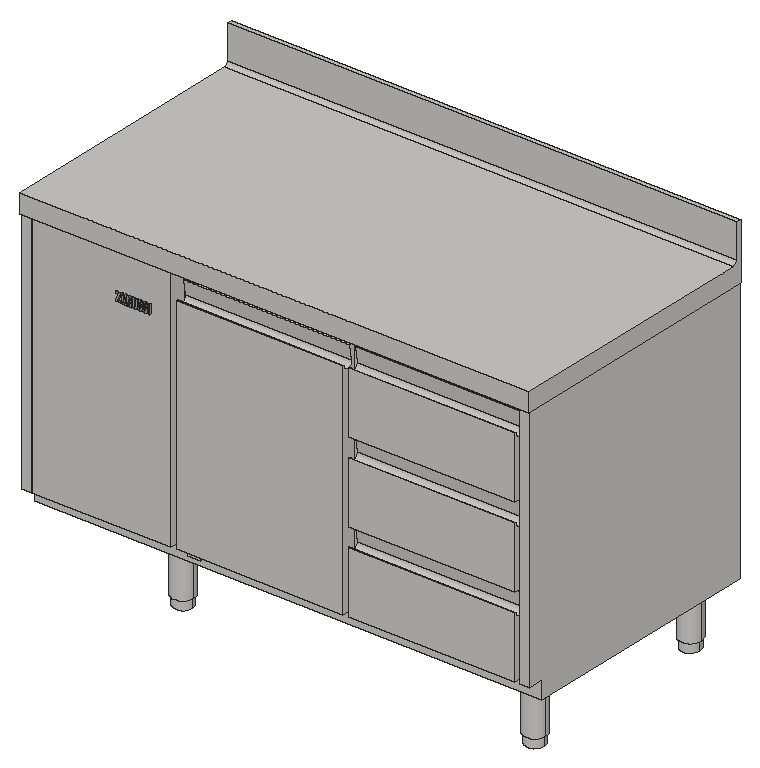
Revit family "QF_ZANUSSI_111028_ZH2H3AC", category Specialty Equipment, Revit 2018
Family settings
  Round Connector Dimension = Use Diameter
  Part Type = Normal
  Work Plane-Based = No
  Always vertical = Yes
  Cut with Voids When Loaded = No
  Shared = No
  Room Calculation Point = No
Parameters
  Weight = 0.00 kg
  Watts = 0.0232258 W
  Volts = 220 V
  URL Manufacturer = "http://www.zanussiprofessional.com/"
  URL = "http://www.zanussiprofessional.com/"
  Steam Supply Size = 0 mm
  Steam Supply Minimum Pressure = 0.0 Pa
  Steam Supply Maximum Pressure = 0.0 Pa
  Steam Pounds per Hour = 0
  Show Logo [instance] = yes
  Show Clearance [instance] = yes
  Refrigeration Suction Line Size = 0 mm
  Refrigeration Liquid Line Size = 0 mm
  Refrigerant Compressor Remote = yes
  Manufacturer = "Zanussi"
  Phase = 1
  Model = "ZH2H3AC"
  Length Actual = 1345 mm  # constant formula
  Item Number = "111028"
  Hot Water Size = 0 mm
  Height Actual = 1000 mm  # constant formula
  HP = "0.3 HP"
  Gas Size = 0 mm
  Gas KW = 0
  Gas Input Pressure = 0 W
  Description = "1DOOR+3x1/3DRAWERS REF.TABLE 290L-SPLB"
  Depth Actual = 700 mm  # constant formula
  Cycle = 50 Hz
  Condensate Return Size = 0 mm
  Compressed Air Volume = 0.0 L/s
  Compressed Air Size = 0 mm
  Compressed Air Pressure = 0.0 Pa
  Cold Water Size = 0 mm
  Accessory = yes
Reference planes
  plane 1 "Center X": y = 182.5
  plane 2: z = 0
  plane 3 "Center Y": x = -126.5
  plane 4: y = -62.5
  plane 5: y = 451.5
  plane 6 "BACK": y = 532.5
  plane 7 "FRONT": y = -167.5
  plane 8: x = -452
  plane 9: x = 478
  plane 10: z = 150
  plane 11 "TOP": z = 900
  plane 12: z = 850
  plane 13 "LEFT": x = -797
  plane 14 "RIGHT": x = 544
  plane 15: x = -799
  plane 16: x = 546
Forms (mm)
  Extrusion 1, solid, material "QF_Finishes_Stainless Steel"
    sketch origin (-126.5, 2, 0) x (0, 1, 0) y (0, 0, 1)
      loop
        line (530.5, 150) -> (530.5, 850) -> (-124.5, 850) -> (-124.5, 150) -> (530.5, 150)
    from -670.5 to 670.5
  Extrusion 2, solid, material "QF_Finishes_Stainless Steel"
    sketch origin (-1022.223, -1524, 150) x (-1, 0, 0) y (0, -1, 0)
      loop
        line (-225.223, -1361.5) -> (-250.223, -1361.5) -> (-250.223, -1401.5) -> (-225.223, -1401.5) -> (-225.223, -1361.5)
      loop
        line (-1566.223, -1401.5) -> (-1541.223, -1401.5) -> (-1541.223, -1361.5) -> (-1566.223, -1361.5) -> (-1566.223, -1401.5)
    from 47 to 700
  Extrusion 3, solid, material "QF_Finishes_Stainless Steel"
    sketch origin (0, 0, 900) x (-1, 0, 0) y (0, -1, 0)
      loop
        circle (-57, -94.5) r 8.45
    from -790.577 to -750
  Extrusion 4, solid, material "QF_Finishes_Stainless Steel"
    sketch origin (0, 0, 0) x (1, 0, 0) y (0, 1, 0)
      loop
        circle (-713, 451.5) r 4
    from 109.423 to 150
  Extrusion 5, solid, material "QF_Finishes_Stainless Steel"
    sketch origin (-126.5, 0, 0) x (0, 1, 0) y (0, 0, 1)
      loop
        line (-167.5, 900) -> (-167.5, 850) -> (532.5, 850) -> (532.5, 1000) -> (519.5, 1000) -> (519.5, 910)
        arc (519.5, 910) -> (516.571, 902.929) -> (509.5, 900) r 10
        line (509.5, 900) -> (-167.5, 900)
    from 672.5 to -672.5
Cuts and joins
  joined: Extrusion 1, Extrusion 2
Lines and regions (mm)
  symbolic lines, style "SpecialityEquipmentHiddenLines"
    curve 1: line (-799, -122.5, 900) -> (546, -122.5, 900)
    curve 2: line (-396, -167.5, 900) -> (-396, -122.5, 900)
  symbolic lines, style "SpecialityEquipment"
    curve 3: line (-799, 532.5, 900) -> (546, 532.5, 900)
    curve 4: line (-799, 532.5, 900) -> (-799, -167.5, 900)
    curve 5: line (-799, -167.5, 900) -> (546, -167.5, 900)
    curve 6: line (546, -167.5, 900) -> (546, 532.5, 900)
    curve 7: line (-799, 519.5, 900) -> (546, 519.5, 900)
Dimensions and locks
  locked: plane 6 "BACK" to plane 7 "FRONT" at 700
  equal spacing: plane 6 "BACK", plane 1 "Center X", plane 7 "FRONT"
  locked: plane 6 "BACK" to plane 5 at 81
  plane 10 to level = 150 mm
  plane 11 "TOP" to plane 12 to plane 10 = 50 mm locked, 700 mm locked
  locked: Extrusion 2 sketch curve to Extrusion 2 sketch curve at 25  (x2)
  locked: plane 4 to plane 7 "FRONT" at 105
  locked: plane 6 "BACK" to Extrusion 3 sketch curve at 438
  equal spacing: plane 13 "LEFT", plane 3 "Center Y", plane 14 "RIGHT"
  plane 15 to plane 16 = 1345 mm
  locked: plane 13 "LEFT" to plane 8 at 345
  locked: plane 9 to plane 14 "RIGHT" at 66
  locked: Extrusion 3 sketch curve to plane 14 "RIGHT" at 487
  plane 13 "LEFT" to Extrusion 4 sketch curve = 84 mm
  locked: plane 6 "BACK" to Extrusion 4 sketch curve at 81
  locked: plane 10 to Extrusion 4 at 40.577
  aligned and locked: level to plane 2
  aligned and locked: plane 10 to Extrusion 3
  aligned and locked: nested 4 to plane 4
  aligned and locked: nested 1 to plane 4
  aligned and locked: nested 3 to plane 5
  aligned and locked: nested 2 to plane 5
  aligned and locked: plane 8 to nested 1
  aligned and locked: plane 8 to nested 2
  aligned and locked: plane 9 to nested 4
  aligned and locked: plane 9 to nested 3
  aligned and locked: Extrusion 1 to Extrusion 2
  aligned and locked: Extrusion 2 to Extrusion 1
  aligned and locked: Extrusion 2 sketch curve to plane 14 "RIGHT"
  aligned and locked: plane 13 "LEFT" to Extrusion 2 sketch curve
  aligned and locked: cut or joined group of Extrusion 1, Extrusion 2 to plane 10
  aligned and locked: plane 12 to cut or joined group of Extrusion 1, Extrusion 2
  aligned and locked: plane 10 to Extrusion 4
  aligned and locked: Extrusion 5 sketch curve to plane 11 "TOP"
  aligned and locked: plane 7 "FRONT" to Extrusion 5 sketch curve
  aligned and locked: Extrusion 5 sketch curve to cut or joined group of Extrusion 1, Extrusion 2  (x2)
  aligned and locked: Extrusion 5 to curve 3
Automatic sketch dimensions
  plane 7 "FRONT" to Extrusion 2 sketch curve = 45 mm  (x2)
  plane 7 "FRONT" to Extrusion 2 sketch curve = 5 mm  (x2)
  Extrusion 1 sketch curve to plane 10 = 0 mm
  Extrusion 1 sketch curve to plane 12 = 0 mm
  Extrusion 1 sketch curve to plane 6 "BACK" = 0 mm
  plane 7 "FRONT" to Extrusion 1 sketch curve = 45 mm
  plane 11 "TOP" to Extrusion 5 sketch curve = 10 mm
  Extrusion 5 sketch curve to plane 6 "BACK" = 23 mm
  Extrusion 5 sketch curve to Extrusion 5 sketch curve = 90 mm
  curve 2 to plane 7 "FRONT" = 0 mm
  curve 5 to plane 15 = 0 mm
  curve 3 to plane 6 "BACK" = 0 mm
  plane 8 to curve 2 = 56 mm
  curve 7 to plane 6 "BACK" = 13 mm
  plane 7 "FRONT" to curve 1 = 45 mm
  radius of Extrusion 3 sketch curve = 8.45 mm
  radius of Extrusion 4 sketch curve = 4 mm
Nested families
  nested 1: "Foot_Ø50_H150" at (-452, -62.5, 0), type "Foot_Ø50_H150"
  nested 2: "Foot_Ø50_H150" at (-452, 451.5, 0), type "Foot_Ø50_H150"
  nested 3: "Foot_Ø50_H150" at (478, 451.5, 0), type "Foot_Ø50_H150"
  nested 4: "Foot_Ø50_H150" at (478, -62.5, 0), type "Foot_Ø50_H150"
  nested 5: "3x1-3 Drawers" at (285, -164.5, 0), Show Clearance <- "Show Clearance", type "3x1-3 Drawers"
  nested 6: "Door" at (-169, -164.5, 0) x (-1, 0, 0) z (0, 0, 1), Show Clearance <- "Show Clearance", type "Door"
  nested 7: "Refrigerator" at (544, -167.5, 900), type "Refrigerator"
  nested 8: "ZAN_Cooling Unit" at (-587.5, -164.5, 0), Show Logo <- "Show Logo", type "ZAN_Cooling Unit"
Connectors
  electrical at (-713, 451.5, 109.423), driven by "Volts"
    settings: on Extrusion 4, index 4, voltage 220 V, apparent load 0 VA, apparent load phase1 0 VA, apparent load phase2 0 VA, apparent load phase3 0 VA, power factor 1, load classification "Altro", number of poles 1, system type 30, power factor state 1, is connector primary yes, connector utility no, sub classification motor no, connector description "Electrical Connection"
  piping at (57, 94.5, 109.423), diameter 17
    settings: on Extrusion 3, index 5, connector inside diameter 609.6 mm, connector length 0 mm, flow factor 0, pipe flow 0.0 L/s, pressure drop 0.0 Pa, fitting loss kfactor 0, connector angle 0.00°, fixture units 0, engagement length 0 mm, angle of deflection 0.00°, flow configuration 1, flow direction 2, fitting loss method 0, system type 16, joint type 0, gender type 0, connector reference index -1, connector utility 0, adjustable connector no, is connector primary yes, connector description "Drain"
Definition of nested family "Foot_Ø50_H150"
  Reference planes
    plane 1 "Centro (Fronte/Retro)": y = 0
    plane 2: z = 0
    plane 3 "Centro (Sinistra/Destra)": x = 0
    plane 4: z = 150
  Forms (mm)
    Revolve 1, solid
      sketch origin (255.05, 0, 608.09) x (0, 0, 1) y (-1, 0, 0)
        loop
          line (-608.09, 255.05) -> (-608.09, 230.05) -> (-583.09, 230.05) -> (-583.09, 226.05) -> (-458.09, 226.05) -> (-458.09, 255.05) -> (-608.09, 255.05)
        axis (-608.09, 255.05) -> (-458.09, 255.05)
      angle from 0 to 360
  Dimensions and locks
    locked: Revolve 1 sketch curve to Revolve 1 sketch curve at 125
    aligned and locked: level to plane 2
    aligned and locked: plane 4 to Revolve 1 sketch curve
    aligned and locked: Revolve 1 sketch curve to level
    aligned and locked: plane 3 "Centro (Sinistra/Destra)" to Revolve 1 sketch curve
Definition of nested family "3x1-3 Drawers"
  Parameters
    Show Clearance [instance] = yes
  Reference planes
    plane 1 "FRONT": y = -3
    plane 2: z = 0
    plane 3 "Centro (Sinistra/Destra)": x = 0
    plane 4: z = 150
    plane 5: z = 850
    plane 6: x = -234
    plane 7: x = 234
    plane 8: x = -220
    plane 9: x = 220
  Forms (mm)
    Extrusion 1, solid
      sketch origin (0, 55, 511) x (0, 0, 1) y (0, -1, 0)
        loop
          line (314, 18) -> (314, 29) -> (274.395, 22.5)
          arc (274.395, 22.5) -> (260.395, 36.5) -> (274.395, 50.5) r 14
          line (274.395, 50.5) -> (274.395, 53) -> (111.333, 53) -> (111.333, 18) -> (314, 18)
        loop
          line (101.333, 29) -> (61.728, 22.5)
          arc (61.728, 22.5) -> (47.728, 36.5) -> (61.728, 50.5) r 14
          line (61.728, 50.5) -> (61.728, 53) -> (-101.333, 53) -> (-101.333, 18) -> (101.333, 18) -> (101.333, 29)
        loop
          line (-314, 18) -> (-111.333, 18) -> (-111.333, 29) -> (-150.939, 22.5)
          arc (-150.939, 22.5) -> (-164.939, 36.5) -> (-150.939, 50.5) r 14
          line (-150.939, 50.5) -> (-150.939, 53) -> (-314, 53) -> (-314, 18)
      from -220 to 220
    Extrusion 2, solid, visible <- "Show Clearance", detail levels coarse
      sketch origin (0, -462, 511) x (0, 0, 1) y (0, -1, 0)
        loop
          line (-314, 109) -> (-314, -464) -> (-111.333, -464) -> (-111.333, 109) -> (-314, 109)
        loop
          line (314, -464) -> (314, 109) -> (111.333, 109) -> (111.333, -464) -> (314, -464)
        loop
          line (101.333, 109) -> (-101.333, 109) -> (-101.333, -464) -> (101.333, -464) -> (101.333, 109)
      from -220 to 220
  Lines and regions (mm)
    symbolic lines
      curve 1: line (-190, -3, 0) -> (-190, -48, 0)
      curve 2: line (220, -48, 0) -> (-220, -48, 0)
      curve 3: line (-220, -48, 0) -> (-220, -83, 0)
      curve 4: line (-220, -83, 0) -> (220, -83, 0)
      curve 5: line (220, -83, 0) -> (220, -48, 0)
      curve 6: line (190, -48, 0) -> (190, -3, 0)
      curve 7: line (-190, -83, 0) -> (-190, -128, 0)
      curve 8: line (220, -128, 0) -> (-220, -128, 0)
      curve 9: line (-220, -128, 0) -> (-220, -163, 0)
      curve 10: line (-220, -163, 0) -> (220, -163, 0)
      curve 11: line (220, -163, 0) -> (220, -128, 0)
      curve 12: line (190, -128, 0) -> (190, -83, 0)
      curve 13: line (-190, -163, 0) -> (-190, -208, 0)
      curve 14: line (220, -208, 0) -> (-220, -208, 0)
      curve 15: line (-220, -208, 0) -> (-220, -243, 0)
      curve 16: line (-220, -243, 0) -> (220, -243, 0)
      curve 17: line (220, -243, 0) -> (220, -208, 0)
      curve 18: line (190, -208, 0) -> (190, -163, 0)
  Dimensions and locks
    aligned and locked: level to plane 2
Definition of nested family "Door"
  Parameters
    Show Clearance [instance] = yes
  Reference planes
    plane 1 "FRONT": y = -3
    plane 2: z = 0
    plane 3 "Centro (Sinistra/Destra)": x = 0
    plane 4: z = 150
    plane 5: z = 850
    plane 6: x = -234
    plane 7: x = 234
    plane 8: x = -220
    plane 9: x = 220
  Forms (mm)
    Extrusion 1, solid
      sketch origin (0, 53, 511) x (0, 0, 1) y (0, -1, 0)
        loop
          line (-323.003, 28.5) -> (-316.501, 28.5) -> (-316.501, 31) -> (-325.503, 31) -> (-325.503, 13.5) -> (-345.503, 13.5) -> (-345.503, 11) -> (-323.003, 11) -> (-323.003, 23.259) -> (-323.003, 28.5)
        loop
          line (-314, 27) -> (-316.501, 27) -> (-316.501, 18.501) -> (-319.752, 18.501) -> (-319.752, 16) -> (-314, 16) -> (-314, 27)
        loop
          line (315.003, 27) -> (315.003, 13.948) -> (315.003, 11) -> (327.503, 11) -> (327.503, 13.5) -> (317.503, 13.5) -> (317.503, 27) -> (315.003, 27)
      from 185 to 220
    Extrusion 2, solid, visible <- "Show Clearance", detail levels coarse
      sketch origin (0, 53, 511) x (0, -1, 0) y (1, 0, 0)
        loop
          line (51, 220) -> (51, -220)
          arc (51, -220) -> (339.234, -79.44) -> (454, 220) r 437.168
          line (454, 220) -> (51, 220)
      from -314 to 314
    Extrusion 3, solid
      sketch origin (0, 55, 511) x (0, 0, 1) y (0, -1, 0)
        loop
          line (314, 18) -> (314, 29) -> (274.395, 22.5)
          arc (274.395, 22.5) -> (260.395, 36.5) -> (274.395, 50.5) r 14
          line (274.395, 50.5) -> (274.395, 53) -> (-314, 53) -> (-314, 18) -> (314, 18)
      from -220 to 220
  Lines and regions (mm)
    symbolic lines
      curve 1: line (220, -3, 0) -> (220, -401, 0)
      curve 2: line (220, -401, 0) -> (185, -401, 0)
      curve 3: line (185, -401, 0) -> (185, -3, 0)
      curve 4: arc (-219.722, -3, 0) -> (-89.51, -275.368, 0) -> (185, -401, 0) r 442.855
  Dimensions and locks
    aligned and locked: level to plane 2
Definition of nested family "ZAN_Cooling Unit"
  Parameters
    Show Logo [instance] = yes
  Reference planes
    plane 1 "FRONT": y = -3
    plane 2: z = 0
    plane 3 "Centro (Sinistra/Destra)": x = 0
    plane 4: z = 150
    plane 5: z = 850
    plane 6: x = -184.5
    plane 7: x = 184.5
  Forms (mm)
    Extrusion 1, solid
      sketch origin (0, 55, 511) x (0, 0, 1) y (0, -1, 0)
        loop
          line (-314, 53) -> (-314, 13) -> (339, 13) -> (339, 53) -> (-314, 53)
      from -184.5 to 184.5
  Lines and regions (mm)
    Split face 1
      outline origin (0, 2, 197) x (0, 0, 1) y (-1, 0, 0)
        loop
          line (566.835, 184.5) -> (566.835, -184.5)
        loop
          line (521.835, 184.5) -> (521.835, -184.5)
    Split face 2
      outline origin (0, 2, 197) x (0, 0, 1) y (-1, 0, 0)
        loop
          arc (510.649, 158.547) -> (506.648, 162.548) -> (502.647, 158.547) r 4.001
          line (502.647, 158.547) -> (502.647, 116.535)
          arc (502.647, 116.535) -> (506.648, 112.533) -> (510.649, 116.535) r 4.001
          line (510.649, 116.535) -> (510.649, 158.547)
    Split face 3
      outline origin (0, 2, 184.996) x (0, 0, 1) y (-1, 0, 0)
        loop
          arc (510.649, 158.547) -> (506.648, 162.548) -> (502.647, 158.547) r 4.001
          line (502.647, 158.547) -> (502.647, 116.535)
          arc (502.647, 116.535) -> (506.648, 112.533) -> (510.649, 116.535) r 4.001
          line (510.649, 116.535) -> (510.649, 158.547)
    Split face 4
      outline origin (0, 2, 172.993) x (0, 0, 1) y (-1, 0, 0)
        loop
          arc (510.649, 158.547) -> (506.648, 162.548) -> (502.647, 158.547) r 4.001
          line (502.647, 158.547) -> (502.647, 116.535)
          arc (502.647, 116.535) -> (506.648, 112.533) -> (510.649, 116.535) r 4.001
          line (510.649, 116.535) -> (510.649, 158.547)
    Split face 5
      outline origin (0, 2, 160.989) x (0, 0, 1) y (-1, 0, 0)
        loop
          arc (510.649, 158.547) -> (506.648, 162.548) -> (502.647, 158.547) r 4.001
          line (502.647, 158.547) -> (502.647, 116.535)
          arc (502.647, 116.535) -> (506.648, 112.533) -> (510.649, 116.535) r 4.001
          line (510.649, 116.535) -> (510.649, 158.547)
    Split face 6
      outline origin (0, 2, 148.986) x (0, 0, 1) y (-1, 0, 0)
        loop
          arc (510.649, 158.547) -> (506.648, 162.548) -> (502.647, 158.547) r 4.001
          line (502.647, 158.547) -> (502.647, 116.535)
          arc (502.647, 116.535) -> (506.648, 112.533) -> (510.649, 116.535) r 4.001
          line (510.649, 116.535) -> (510.649, 158.547)
    Split face 7
      outline origin (0, 2, 136.982) x (0, 0, 1) y (-1, 0, 0)
        loop
          arc (510.649, 158.547) -> (506.648, 162.548) -> (502.647, 158.547) r 4.001
          line (502.647, 158.547) -> (502.647, 116.535)
          arc (502.647, 116.535) -> (506.648, 112.533) -> (510.649, 116.535) r 4.001
          line (510.649, 116.535) -> (510.649, 158.547)
    Split face 8
      outline origin (0, 2, 124.979) x (0, 0, 1) y (-1, 0, 0)
        loop
          arc (510.649, 158.547) -> (506.648, 162.548) -> (502.647, 158.547) r 4.001
          line (502.647, 158.547) -> (502.647, 116.535)
          arc (502.647, 116.535) -> (506.648, 112.533) -> (510.649, 116.535) r 4.001
          line (510.649, 116.535) -> (510.649, 158.547)
    Split face 9
      outline origin (0, 2, 112.975) x (0, 0, 1) y (-1, 0, 0)
        loop
          arc (510.649, 158.547) -> (506.648, 162.548) -> (502.647, 158.547) r 4.001
          line (502.647, 158.547) -> (502.647, 116.535)
          arc (502.647, 116.535) -> (506.648, 112.533) -> (510.649, 116.535) r 4.001
          line (510.649, 116.535) -> (510.649, 158.547)
    Split face 10
      outline origin (0, 2, 100.972) x (0, 0, 1) y (-1, 0, 0)
        loop
          arc (510.649, 158.547) -> (506.648, 162.548) -> (502.647, 158.547) r 4.001
          line (502.647, 158.547) -> (502.647, 116.535)
          arc (502.647, 116.535) -> (506.648, 112.533) -> (510.649, 116.535) r 4.001
          line (510.649, 116.535) -> (510.649, 158.547)
    Split face 11
      outline origin (0, 2, 88.968) x (0, 0, 1) y (-1, 0, 0)
        loop
          arc (510.649, 158.547) -> (506.648, 162.548) -> (502.647, 158.547) r 4.001
          line (502.647, 158.547) -> (502.647, 116.535)
          arc (502.647, 116.535) -> (506.648, 112.533) -> (510.649, 116.535) r 4.001
          line (510.649, 116.535) -> (510.649, 158.547)
    Split face 12
      outline origin (0, 2, 76.965) x (0, 0, 1) y (-1, 0, 0)
        loop
          arc (510.649, 158.547) -> (506.648, 162.548) -> (502.647, 158.547) r 4.001
          line (502.647, 158.547) -> (502.647, 116.535)
          arc (502.647, 116.535) -> (506.648, 112.533) -> (510.649, 116.535) r 4.001
          line (510.649, 116.535) -> (510.649, 158.547)
    Split face 13
      outline origin (0, 2, 64.961) x (0, 0, 1) y (-1, 0, 0)
        loop
          arc (510.649, 158.547) -> (506.648, 162.548) -> (502.647, 158.547) r 4.001
          line (502.647, 158.547) -> (502.647, 116.535)
          arc (502.647, 116.535) -> (506.648, 112.533) -> (510.649, 116.535) r 4.001
          line (510.649, 116.535) -> (510.649, 158.547)
    Split face 14
      outline origin (0, 2, 52.958) x (0, 0, 1) y (-1, 0, 0)
        loop
          arc (510.649, 158.547) -> (506.648, 162.548) -> (502.647, 158.547) r 4.001
          line (502.647, 158.547) -> (502.647, 116.535)
          arc (502.647, 116.535) -> (506.648, 112.533) -> (510.649, 116.535) r 4.001
          line (510.649, 116.535) -> (510.649, 158.547)
    Split face 15
      outline origin (0, 2, 40.954) x (0, 0, 1) y (-1, 0, 0)
        loop
          arc (510.649, 158.547) -> (506.648, 162.548) -> (502.647, 158.547) r 4.001
          line (502.647, 158.547) -> (502.647, 116.535)
          arc (502.647, 116.535) -> (506.648, 112.533) -> (510.649, 116.535) r 4.001
          line (510.649, 116.535) -> (510.649, 158.547)
    Split face 16
      outline origin (0, 2, 28.951) x (0, 0, 1) y (-1, 0, 0)
        loop
          arc (510.649, 158.547) -> (506.648, 162.548) -> (502.647, 158.547) r 4.001
          line (502.647, 158.547) -> (502.647, 116.535)
          arc (502.647, 116.535) -> (506.648, 112.533) -> (510.649, 116.535) r 4.001
          line (510.649, 116.535) -> (510.649, 158.547)
    Split face 17
      outline origin (0, 2, 16.947) x (0, 0, 1) y (-1, 0, 0)
        loop
          arc (510.649, 158.547) -> (506.648, 162.548) -> (502.647, 158.547) r 4.001
          line (502.647, 158.547) -> (502.647, 116.535)
          arc (502.647, 116.535) -> (506.648, 112.533) -> (510.649, 116.535) r 4.001
          line (510.649, 116.535) -> (510.649, 158.547)
    Split face 18
      outline origin (55.016, 2, 197) x (0, 0, 1) y (-1, 0, 0)
        loop
          arc (510.649, 158.547) -> (506.648, 162.548) -> (502.647, 158.547) r 4.001
          line (502.647, 158.547) -> (502.647, 116.535)
          arc (502.647, 116.535) -> (506.648, 112.533) -> (510.649, 116.535) r 4.001
          line (510.649, 116.535) -> (510.649, 158.547)
    Split face 19
      outline origin (55.016, 2, 184.996) x (0, 0, 1) y (-1, 0, 0)
        loop
          arc (510.649, 158.547) -> (506.648, 162.548) -> (502.647, 158.547) r 4.001
          line (502.647, 158.547) -> (502.647, 116.535)
          arc (502.647, 116.535) -> (506.648, 112.533) -> (510.649, 116.535) r 4.001
          line (510.649, 116.535) -> (510.649, 158.547)
    Split face 20
      outline origin (55.016, 2, 172.993) x (0, 0, 1) y (-1, 0, 0)
        loop
          arc (510.649, 158.547) -> (506.648, 162.548) -> (502.647, 158.547) r 4.001
          line (502.647, 158.547) -> (502.647, 116.535)
          arc (502.647, 116.535) -> (506.648, 112.533) -> (510.649, 116.535) r 4.001
          line (510.649, 116.535) -> (510.649, 158.547)
    Split face 21
      outline origin (55.016, 2, 160.989) x (0, 0, 1) y (-1, 0, 0)
        loop
          arc (510.649, 158.547) -> (506.648, 162.548) -> (502.647, 158.547) r 4.001
          line (502.647, 158.547) -> (502.647, 116.535)
          arc (502.647, 116.535) -> (506.648, 112.533) -> (510.649, 116.535) r 4.001
          line (510.649, 116.535) -> (510.649, 158.547)
    Split face 22
      outline origin (55.016, 2, 148.986) x (0, 0, 1) y (-1, 0, 0)
        loop
          arc (510.649, 158.547) -> (506.648, 162.548) -> (502.647, 158.547) r 4.001
          line (502.647, 158.547) -> (502.647, 116.535)
          arc (502.647, 116.535) -> (506.648, 112.533) -> (510.649, 116.535) r 4.001
          line (510.649, 116.535) -> (510.649, 158.547)
    Split face 23
      outline origin (55.016, 2, 136.982) x (0, 0, 1) y (-1, 0, 0)
        loop
          arc (510.649, 158.547) -> (506.648, 162.548) -> (502.647, 158.547) r 4.001
          line (502.647, 158.547) -> (502.647, 116.535)
          arc (502.647, 116.535) -> (506.648, 112.533) -> (510.649, 116.535) r 4.001
          line (510.649, 116.535) -> (510.649, 158.547)
    Split face 24
      outline origin (55.016, 2, 124.979) x (0, 0, 1) y (-1, 0, 0)
        loop
          arc (510.649, 158.547) -> (506.648, 162.548) -> (502.647, 158.547) r 4.001
          line (502.647, 158.547) -> (502.647, 116.535)
          arc (502.647, 116.535) -> (506.648, 112.533) -> (510.649, 116.535) r 4.001
          line (510.649, 116.535) -> (510.649, 158.547)
    Split face 25
      outline origin (55.016, 2, 112.975) x (0, 0, 1) y (-1, 0, 0)
        loop
          arc (510.649, 158.547) -> (506.648, 162.548) -> (502.647, 158.547) r 4.001
          line (502.647, 158.547) -> (502.647, 116.535)
          arc (502.647, 116.535) -> (506.648, 112.533) -> (510.649, 116.535) r 4.001
          line (510.649, 116.535) -> (510.649, 158.547)
    Split face 26
      outline origin (55.016, 2, 100.972) x (0, 0, 1) y (-1, 0, 0)
        loop
          arc (510.649, 158.547) -> (506.648, 162.548) -> (502.647, 158.547) r 4.001
          line (502.647, 158.547) -> (502.647, 116.535)
          arc (502.647, 116.535) -> (506.648, 112.533) -> (510.649, 116.535) r 4.001
          line (510.649, 116.535) -> (510.649, 158.547)
    Split face 27
      outline origin (55.016, 2, 88.968) x (0, 0, 1) y (-1, 0, 0)
        loop
          arc (510.649, 158.547) -> (506.648, 162.548) -> (502.647, 158.547) r 4.001
          line (502.647, 158.547) -> (502.647, 116.535)
          arc (502.647, 116.535) -> (506.648, 112.533) -> (510.649, 116.535) r 4.001
          line (510.649, 116.535) -> (510.649, 158.547)
    Split face 28
      outline origin (55.016, 2, 76.965) x (0, 0, 1) y (-1, 0, 0)
        loop
          arc (510.649, 158.547) -> (506.648, 162.548) -> (502.647, 158.547) r 4.001
          line (502.647, 158.547) -> (502.647, 116.535)
          arc (502.647, 116.535) -> (506.648, 112.533) -> (510.649, 116.535) r 4.001
          line (510.649, 116.535) -> (510.649, 158.547)
    Split face 29
      outline origin (55.016, 2, 64.961) x (0, 0, 1) y (-1, 0, 0)
        loop
          arc (510.649, 158.547) -> (506.648, 162.548) -> (502.647, 158.547) r 4.001
          line (502.647, 158.547) -> (502.647, 116.535)
          arc (502.647, 116.535) -> (506.648, 112.533) -> (510.649, 116.535) r 4.001
          line (510.649, 116.535) -> (510.649, 158.547)
    Split face 30
      outline origin (55.016, 2, 52.958) x (0, 0, 1) y (-1, 0, 0)
        loop
          arc (510.649, 158.547) -> (506.648, 162.548) -> (502.647, 158.547) r 4.001
          line (502.647, 158.547) -> (502.647, 116.535)
          arc (502.647, 116.535) -> (506.648, 112.533) -> (510.649, 116.535) r 4.001
          line (510.649, 116.535) -> (510.649, 158.547)
    Split face 31
      outline origin (55.016, 2, 40.954) x (0, 0, 1) y (-1, 0, 0)
        loop
          arc (510.649, 158.547) -> (506.648, 162.548) -> (502.647, 158.547) r 4.001
          line (502.647, 158.547) -> (502.647, 116.535)
          arc (502.647, 116.535) -> (506.648, 112.533) -> (510.649, 116.535) r 4.001
          line (510.649, 116.535) -> (510.649, 158.547)
    Split face 32
      outline origin (55.016, 2, 28.951) x (0, 0, 1) y (-1, 0, 0)
        loop
          arc (510.649, 158.547) -> (506.648, 162.548) -> (502.647, 158.547) r 4.001
          line (502.647, 158.547) -> (502.647, 116.535)
          arc (502.647, 116.535) -> (506.648, 112.533) -> (510.649, 116.535) r 4.001
          line (510.649, 116.535) -> (510.649, 158.547)
    Split face 33
      outline origin (55.016, 2, 16.947) x (0, 0, 1) y (-1, 0, 0)
        loop
          arc (510.649, 158.547) -> (506.648, 162.548) -> (502.647, 158.547) r 4.001
          line (502.647, 158.547) -> (502.647, 116.535)
          arc (502.647, 116.535) -> (506.648, 112.533) -> (510.649, 116.535) r 4.001
          line (510.649, 116.535) -> (510.649, 158.547)
    Split face 34
      outline origin (110.032, 2, 197) x (0, 0, 1) y (-1, 0, 0)
        loop
          arc (510.649, 158.547) -> (506.648, 162.548) -> (502.647, 158.547) r 4.001
          line (502.647, 158.547) -> (502.647, 116.535)
          arc (502.647, 116.535) -> (506.648, 112.533) -> (510.649, 116.535) r 4.001
          line (510.649, 116.535) -> (510.649, 158.547)
    Split face 35
      outline origin (110.032, 2, 184.996) x (0, 0, 1) y (-1, 0, 0)
        loop
          arc (510.649, 158.547) -> (506.648, 162.548) -> (502.647, 158.547) r 4.001
          line (502.647, 158.547) -> (502.647, 116.535)
          arc (502.647, 116.535) -> (506.648, 112.533) -> (510.649, 116.535) r 4.001
          line (510.649, 116.535) -> (510.649, 158.547)
    Split face 36
      outline origin (110.032, 2, 172.993) x (0, 0, 1) y (-1, 0, 0)
        loop
          arc (510.649, 158.547) -> (506.648, 162.548) -> (502.647, 158.547) r 4.001
          line (502.647, 158.547) -> (502.647, 116.535)
          arc (502.647, 116.535) -> (506.648, 112.533) -> (510.649, 116.535) r 4.001
          line (510.649, 116.535) -> (510.649, 158.547)
    Split face 37
      outline origin (110.032, 2, 160.989) x (0, 0, 1) y (-1, 0, 0)
        loop
          arc (510.649, 158.547) -> (506.648, 162.548) -> (502.647, 158.547) r 4.001
          line (502.647, 158.547) -> (502.647, 116.535)
          arc (502.647, 116.535) -> (506.648, 112.533) -> (510.649, 116.535) r 4.001
          line (510.649, 116.535) -> (510.649, 158.547)
    Split face 38
      outline origin (110.032, 2, 148.986) x (0, 0, 1) y (-1, 0, 0)
        loop
          arc (510.649, 158.547) -> (506.648, 162.548) -> (502.647, 158.547) r 4.001
          line (502.647, 158.547) -> (502.647, 116.535)
          arc (502.647, 116.535) -> (506.648, 112.533) -> (510.649, 116.535) r 4.001
          line (510.649, 116.535) -> (510.649, 158.547)
    Split face 39
      outline origin (110.032, 2, 136.982) x (0, 0, 1) y (-1, 0, 0)
        loop
          arc (510.649, 158.547) -> (506.648, 162.548) -> (502.647, 158.547) r 4.001
          line (502.647, 158.547) -> (502.647, 116.535)
          arc (502.647, 116.535) -> (506.648, 112.533) -> (510.649, 116.535) r 4.001
          line (510.649, 116.535) -> (510.649, 158.547)
    Split face 40
      outline origin (110.032, 2, 124.979) x (0, 0, 1) y (-1, 0, 0)
        loop
          arc (510.649, 158.547) -> (506.648, 162.548) -> (502.647, 158.547) r 4.001
          line (502.647, 158.547) -> (502.647, 116.535)
          arc (502.647, 116.535) -> (506.648, 112.533) -> (510.649, 116.535) r 4.001
          line (510.649, 116.535) -> (510.649, 158.547)
    Split face 41
      outline origin (110.032, 2, 112.975) x (0, 0, 1) y (-1, 0, 0)
        loop
          arc (510.649, 158.547) -> (506.648, 162.548) -> (502.647, 158.547) r 4.001
          line (502.647, 158.547) -> (502.647, 116.535)
          arc (502.647, 116.535) -> (506.648, 112.533) -> (510.649, 116.535) r 4.001
          line (510.649, 116.535) -> (510.649, 158.547)
    Split face 42
      outline origin (110.032, 2, 100.972) x (0, 0, 1) y (-1, 0, 0)
        loop
          arc (510.649, 158.547) -> (506.648, 162.548) -> (502.647, 158.547) r 4.001
          line (502.647, 158.547) -> (502.647, 116.535)
          arc (502.647, 116.535) -> (506.648, 112.533) -> (510.649, 116.535) r 4.001
          line (510.649, 116.535) -> (510.649, 158.547)
    Split face 43
      outline origin (110.032, 2, 88.968) x (0, 0, 1) y (-1, 0, 0)
        loop
          arc (510.649, 158.547) -> (506.648, 162.548) -> (502.647, 158.547) r 4.001
          line (502.647, 158.547) -> (502.647, 116.535)
          arc (502.647, 116.535) -> (506.648, 112.533) -> (510.649, 116.535) r 4.001
          line (510.649, 116.535) -> (510.649, 158.547)
    Split face 44
      outline origin (110.032, 2, 76.965) x (0, 0, 1) y (-1, 0, 0)
        loop
          arc (510.649, 158.547) -> (506.648, 162.548) -> (502.647, 158.547) r 4.001
          line (502.647, 158.547) -> (502.647, 116.535)
          arc (502.647, 116.535) -> (506.648, 112.533) -> (510.649, 116.535) r 4.001
          line (510.649, 116.535) -> (510.649, 158.547)
    Split face 45
      outline origin (110.032, 2, 64.961) x (0, 0, 1) y (-1, 0, 0)
        loop
          arc (510.649, 158.547) -> (506.648, 162.548) -> (502.647, 158.547) r 4.001
          line (502.647, 158.547) -> (502.647, 116.535)
          arc (502.647, 116.535) -> (506.648, 112.533) -> (510.649, 116.535) r 4.001
          line (510.649, 116.535) -> (510.649, 158.547)
    Split face 46
      outline origin (110.032, 2, 52.958) x (0, 0, 1) y (-1, 0, 0)
        loop
          arc (510.649, 158.547) -> (506.648, 162.548) -> (502.647, 158.547) r 4.001
          line (502.647, 158.547) -> (502.647, 116.535)
          arc (502.647, 116.535) -> (506.648, 112.533) -> (510.649, 116.535) r 4.001
          line (510.649, 116.535) -> (510.649, 158.547)
    Split face 47
      outline origin (110.032, 2, 40.954) x (0, 0, 1) y (-1, 0, 0)
        loop
          arc (510.649, 158.547) -> (506.648, 162.548) -> (502.647, 158.547) r 4.001
          line (502.647, 158.547) -> (502.647, 116.535)
          arc (502.647, 116.535) -> (506.648, 112.533) -> (510.649, 116.535) r 4.001
          line (510.649, 116.535) -> (510.649, 158.547)
    Split face 48
      outline origin (110.032, 2, 28.951) x (0, 0, 1) y (-1, 0, 0)
        loop
          arc (510.649, 158.547) -> (506.648, 162.548) -> (502.647, 158.547) r 4.001
          line (502.647, 158.547) -> (502.647, 116.535)
          arc (502.647, 116.535) -> (506.648, 112.533) -> (510.649, 116.535) r 4.001
          line (510.649, 116.535) -> (510.649, 158.547)
    Split face 49
      outline origin (110.032, 2, 16.947) x (0, 0, 1) y (-1, 0, 0)
        loop
          arc (510.649, 158.547) -> (506.648, 162.548) -> (502.647, 158.547) r 4.001
          line (502.647, 158.547) -> (502.647, 116.535)
          arc (502.647, 116.535) -> (506.648, 112.533) -> (510.649, 116.535) r 4.001
          line (510.649, 116.535) -> (510.649, 158.547)
    Split face 50
      outline origin (165.048, 2, 197) x (0, 0, 1) y (-1, 0, 0)
        loop
          arc (510.649, 158.547) -> (506.648, 162.548) -> (502.647, 158.547) r 4.001
          line (502.647, 158.547) -> (502.647, 116.535)
          arc (502.647, 116.535) -> (506.648, 112.533) -> (510.649, 116.535) r 4.001
          line (510.649, 116.535) -> (510.649, 158.547)
    Split face 51
      outline origin (165.048, 2, 184.996) x (0, 0, 1) y (-1, 0, 0)
        loop
          arc (510.649, 158.547) -> (506.648, 162.548) -> (502.647, 158.547) r 4.001
          line (502.647, 158.547) -> (502.647, 116.535)
          arc (502.647, 116.535) -> (506.648, 112.533) -> (510.649, 116.535) r 4.001
          line (510.649, 116.535) -> (510.649, 158.547)
    Split face 52
      outline origin (165.048, 2, 172.993) x (0, 0, 1) y (-1, 0, 0)
        loop
          arc (510.649, 158.547) -> (506.648, 162.548) -> (502.647, 158.547) r 4.001
          line (502.647, 158.547) -> (502.647, 116.535)
          arc (502.647, 116.535) -> (506.648, 112.533) -> (510.649, 116.535) r 4.001
          line (510.649, 116.535) -> (510.649, 158.547)
    Split face 53
      outline origin (165.048, 2, 160.989) x (0, 0, 1) y (-1, 0, 0)
        loop
          arc (510.649, 158.547) -> (506.648, 162.548) -> (502.647, 158.547) r 4.001
          line (502.647, 158.547) -> (502.647, 116.535)
          arc (502.647, 116.535) -> (506.648, 112.533) -> (510.649, 116.535) r 4.001
          line (510.649, 116.535) -> (510.649, 158.547)
    Split face 54
      outline origin (165.048, 2, 148.986) x (0, 0, 1) y (-1, 0, 0)
        loop
          arc (510.649, 158.547) -> (506.648, 162.548) -> (502.647, 158.547) r 4.001
          line (502.647, 158.547) -> (502.647, 116.535)
          arc (502.647, 116.535) -> (506.648, 112.533) -> (510.649, 116.535) r 4.001
          line (510.649, 116.535) -> (510.649, 158.547)
    Split face 55
      outline origin (165.048, 2, 136.982) x (0, 0, 1) y (-1, 0, 0)
        loop
          arc (510.649, 158.547) -> (506.648, 162.548) -> (502.647, 158.547) r 4.001
          line (502.647, 158.547) -> (502.647, 116.535)
          arc (502.647, 116.535) -> (506.648, 112.533) -> (510.649, 116.535) r 4.001
          line (510.649, 116.535) -> (510.649, 158.547)
    Split face 56
      outline origin (165.048, 2, 124.979) x (0, 0, 1) y (-1, 0, 0)
        loop
          arc (510.649, 158.547) -> (506.648, 162.548) -> (502.647, 158.547) r 4.001
          line (502.647, 158.547) -> (502.647, 116.535)
          arc (502.647, 116.535) -> (506.648, 112.533) -> (510.649, 116.535) r 4.001
          line (510.649, 116.535) -> (510.649, 158.547)
    Split face 57
      outline origin (165.048, 2, 112.975) x (0, 0, 1) y (-1, 0, 0)
        loop
          arc (510.649, 158.547) -> (506.648, 162.548) -> (502.647, 158.547) r 4.001
          line (502.647, 158.547) -> (502.647, 116.535)
          arc (502.647, 116.535) -> (506.648, 112.533) -> (510.649, 116.535) r 4.001
          line (510.649, 116.535) -> (510.649, 158.547)
    Split face 58
      outline origin (165.048, 2, 100.972) x (0, 0, 1) y (-1, 0, 0)
        loop
          arc (510.649, 158.547) -> (506.648, 162.548) -> (502.647, 158.547) r 4.001
          line (502.647, 158.547) -> (502.647, 116.535)
          arc (502.647, 116.535) -> (506.648, 112.533) -> (510.649, 116.535) r 4.001
          line (510.649, 116.535) -> (510.649, 158.547)
    Split face 59
      outline origin (165.048, 2, 88.968) x (0, 0, 1) y (-1, 0, 0)
        loop
          arc (510.649, 158.547) -> (506.648, 162.548) -> (502.647, 158.547) r 4.001
          line (502.647, 158.547) -> (502.647, 116.535)
          arc (502.647, 116.535) -> (506.648, 112.533) -> (510.649, 116.535) r 4.001
          line (510.649, 116.535) -> (510.649, 158.547)
    Split face 60
      outline origin (165.048, 2, 76.965) x (0, 0, 1) y (-1, 0, 0)
        loop
          arc (510.649, 158.547) -> (506.648, 162.548) -> (502.647, 158.547) r 4.001
          line (502.647, 158.547) -> (502.647, 116.535)
          arc (502.647, 116.535) -> (506.648, 112.533) -> (510.649, 116.535) r 4.001
          line (510.649, 116.535) -> (510.649, 158.547)
    Split face 61
      outline origin (165.048, 2, 64.961) x (0, 0, 1) y (-1, 0, 0)
        loop
          arc (510.649, 158.547) -> (506.648, 162.548) -> (502.647, 158.547) r 4.001
          line (502.647, 158.547) -> (502.647, 116.535)
          arc (502.647, 116.535) -> (506.648, 112.533) -> (510.649, 116.535) r 4.001
          line (510.649, 116.535) -> (510.649, 158.547)
    Split face 62
      outline origin (165.048, 2, 52.958) x (0, 0, 1) y (-1, 0, 0)
        loop
          arc (510.649, 158.547) -> (506.648, 162.548) -> (502.647, 158.547) r 4.001
          line (502.647, 158.547) -> (502.647, 116.535)
          arc (502.647, 116.535) -> (506.648, 112.533) -> (510.649, 116.535) r 4.001
          line (510.649, 116.535) -> (510.649, 158.547)
    Split face 63
      outline origin (165.048, 2, 40.954) x (0, 0, 1) y (-1, 0, 0)
        loop
          arc (510.649, 158.547) -> (506.648, 162.548) -> (502.647, 158.547) r 4.001
          line (502.647, 158.547) -> (502.647, 116.535)
          arc (502.647, 116.535) -> (506.648, 112.533) -> (510.649, 116.535) r 4.001
          line (510.649, 116.535) -> (510.649, 158.547)
    Split face 64
      outline origin (165.048, 2, 28.951) x (0, 0, 1) y (-1, 0, 0)
        loop
          arc (510.649, 158.547) -> (506.648, 162.548) -> (502.647, 158.547) r 4.001
          line (502.647, 158.547) -> (502.647, 116.535)
          arc (502.647, 116.535) -> (506.648, 112.533) -> (510.649, 116.535) r 4.001
          line (510.649, 116.535) -> (510.649, 158.547)
    Split face 65
      outline origin (165.048, 2, 16.947) x (0, 0, 1) y (-1, 0, 0)
        loop
          arc (510.649, 158.547) -> (506.648, 162.548) -> (502.647, 158.547) r 4.001
          line (502.647, 158.547) -> (502.647, 116.535)
          arc (502.647, 116.535) -> (506.648, 112.533) -> (510.649, 116.535) r 4.001
          line (510.649, 116.535) -> (510.649, 158.547)
    Split face 66
      outline origin (220.064, 2, 197) x (0, 0, 1) y (-1, 0, 0)
        loop
          arc (510.649, 158.547) -> (506.648, 162.548) -> (502.647, 158.547) r 4.001
          line (502.647, 158.547) -> (502.647, 116.535)
          arc (502.647, 116.535) -> (506.648, 112.533) -> (510.649, 116.535) r 4.001
          line (510.649, 116.535) -> (510.649, 158.547)
    Split face 67
      outline origin (220.064, 2, 184.996) x (0, 0, 1) y (-1, 0, 0)
        loop
          arc (510.649, 158.547) -> (506.648, 162.548) -> (502.647, 158.547) r 4.001
          line (502.647, 158.547) -> (502.647, 116.535)
          arc (502.647, 116.535) -> (506.648, 112.533) -> (510.649, 116.535) r 4.001
          line (510.649, 116.535) -> (510.649, 158.547)
    Split face 68
      outline origin (220.064, 2, 172.993) x (0, 0, 1) y (-1, 0, 0)
        loop
          arc (510.649, 158.547) -> (506.648, 162.548) -> (502.647, 158.547) r 4.001
          line (502.647, 158.547) -> (502.647, 116.535)
          arc (502.647, 116.535) -> (506.648, 112.533) -> (510.649, 116.535) r 4.001
          line (510.649, 116.535) -> (510.649, 158.547)
    Split face 69
      outline origin (220.064, 2, 160.989) x (0, 0, 1) y (-1, 0, 0)
        loop
          arc (510.649, 158.547) -> (506.648, 162.548) -> (502.647, 158.547) r 4.001
          line (502.647, 158.547) -> (502.647, 116.535)
          arc (502.647, 116.535) -> (506.648, 112.533) -> (510.649, 116.535) r 4.001
          line (510.649, 116.535) -> (510.649, 158.547)
    Split face 70
      outline origin (220.064, 2, 148.986) x (0, 0, 1) y (-1, 0, 0)
        loop
          arc (510.649, 158.547) -> (506.648, 162.548) -> (502.647, 158.547) r 4.001
          line (502.647, 158.547) -> (502.647, 116.535)
          arc (502.647, 116.535) -> (506.648, 112.533) -> (510.649, 116.535) r 4.001
          line (510.649, 116.535) -> (510.649, 158.547)
    Split face 71
      outline origin (220.064, 2, 136.982) x (0, 0, 1) y (-1, 0, 0)
        loop
          arc (510.649, 158.547) -> (506.648, 162.548) -> (502.647, 158.547) r 4.001
          line (502.647, 158.547) -> (502.647, 116.535)
          arc (502.647, 116.535) -> (506.648, 112.533) -> (510.649, 116.535) r 4.001
          line (510.649, 116.535) -> (510.649, 158.547)
    Split face 72
      outline origin (220.064, 2, 124.979) x (0, 0, 1) y (-1, 0, 0)
        loop
          arc (510.649, 158.547) -> (506.648, 162.548) -> (502.647, 158.547) r 4.001
          line (502.647, 158.547) -> (502.647, 116.535)
          arc (502.647, 116.535) -> (506.648, 112.533) -> (510.649, 116.535) r 4.001
          line (510.649, 116.535) -> (510.649, 158.547)
    Split face 73
      outline origin (220.064, 2, 112.975) x (0, 0, 1) y (-1, 0, 0)
        loop
          arc (510.649, 158.547) -> (506.648, 162.548) -> (502.647, 158.547) r 4.001
          line (502.647, 158.547) -> (502.647, 116.535)
          arc (502.647, 116.535) -> (506.648, 112.533) -> (510.649, 116.535) r 4.001
          line (510.649, 116.535) -> (510.649, 158.547)
    Split face 74
      outline origin (220.064, 2, 100.972) x (0, 0, 1) y (-1, 0, 0)
        loop
          arc (510.649, 158.547) -> (506.648, 162.548) -> (502.647, 158.547) r 4.001
          line (502.647, 158.547) -> (502.647, 116.535)
          arc (502.647, 116.535) -> (506.648, 112.533) -> (510.649, 116.535) r 4.001
          line (510.649, 116.535) -> (510.649, 158.547)
    Split face 75
      outline origin (220.064, 2, 88.968) x (0, 0, 1) y (-1, 0, 0)
        loop
          arc (510.649, 158.547) -> (506.648, 162.548) -> (502.647, 158.547) r 4.001
          line (502.647, 158.547) -> (502.647, 116.535)
          arc (502.647, 116.535) -> (506.648, 112.533) -> (510.649, 116.535) r 4.001
          line (510.649, 116.535) -> (510.649, 158.547)
    Split face 76
      outline origin (220.064, 2, 76.965) x (0, 0, 1) y (-1, 0, 0)
        loop
          arc (510.649, 158.547) -> (506.648, 162.548) -> (502.647, 158.547) r 4.001
          line (502.647, 158.547) -> (502.647, 116.535)
          arc (502.647, 116.535) -> (506.648, 112.533) -> (510.649, 116.535) r 4.001
          line (510.649, 116.535) -> (510.649, 158.547)
    Split face 77
      outline origin (220.064, 2, 64.961) x (0, 0, 1) y (-1, 0, 0)
        loop
          arc (510.649, 158.547) -> (506.648, 162.548) -> (502.647, 158.547) r 4.001
          line (502.647, 158.547) -> (502.647, 116.535)
          arc (502.647, 116.535) -> (506.648, 112.533) -> (510.649, 116.535) r 4.001
          line (510.649, 116.535) -> (510.649, 158.547)
    Split face 78
      outline origin (220.064, 2, 52.958) x (0, 0, 1) y (-1, 0, 0)
        loop
          arc (510.649, 158.547) -> (506.648, 162.548) -> (502.647, 158.547) r 4.001
          line (502.647, 158.547) -> (502.647, 116.535)
          arc (502.647, 116.535) -> (506.648, 112.533) -> (510.649, 116.535) r 4.001
          line (510.649, 116.535) -> (510.649, 158.547)
    Split face 79
      outline origin (220.064, 2, 40.954) x (0, 0, 1) y (-1, 0, 0)
        loop
          arc (510.649, 158.547) -> (506.648, 162.548) -> (502.647, 158.547) r 4.001
          line (502.647, 158.547) -> (502.647, 116.535)
          arc (502.647, 116.535) -> (506.648, 112.533) -> (510.649, 116.535) r 4.001
          line (510.649, 116.535) -> (510.649, 158.547)
    Split face 80
      outline origin (220.064, 2, 28.951) x (0, 0, 1) y (-1, 0, 0)
        loop
          arc (510.649, 158.547) -> (506.648, 162.548) -> (502.647, 158.547) r 4.001
          line (502.647, 158.547) -> (502.647, 116.535)
          arc (502.647, 116.535) -> (506.648, 112.533) -> (510.649, 116.535) r 4.001
          line (510.649, 116.535) -> (510.649, 158.547)
    Split face 81
      outline origin (220.064, 2, 16.947) x (0, 0, 1) y (-1, 0, 0)
        loop
          arc (510.649, 158.547) -> (506.648, 162.548) -> (502.647, 158.547) r 4.001
          line (502.647, 158.547) -> (502.647, 116.535)
          arc (502.647, 116.535) -> (506.648, 112.533) -> (510.649, 116.535) r 4.001
          line (510.649, 116.535) -> (510.649, 158.547)
    Split face 82
      outline origin (275.081, 2, 197) x (0, 0, 1) y (-1, 0, 0)
        loop
          arc (510.649, 158.547) -> (506.648, 162.548) -> (502.647, 158.547) r 4.001
          line (502.647, 158.547) -> (502.647, 116.535)
          arc (502.647, 116.535) -> (506.648, 112.533) -> (510.649, 116.535) r 4.001
          line (510.649, 116.535) -> (510.649, 158.547)
    Split face 83
      outline origin (275.081, 2, 184.996) x (0, 0, 1) y (-1, 0, 0)
        loop
          arc (510.649, 158.547) -> (506.648, 162.548) -> (502.647, 158.547) r 4.001
          line (502.647, 158.547) -> (502.647, 116.535)
          arc (502.647, 116.535) -> (506.648, 112.533) -> (510.649, 116.535) r 4.001
          line (510.649, 116.535) -> (510.649, 158.547)
    Split face 84
      outline origin (275.081, 2, 172.993) x (0, 0, 1) y (-1, 0, 0)
        loop
          arc (510.649, 158.547) -> (506.648, 162.548) -> (502.647, 158.547) r 4.001
          line (502.647, 158.547) -> (502.647, 116.535)
          arc (502.647, 116.535) -> (506.648, 112.533) -> (510.649, 116.535) r 4.001
          line (510.649, 116.535) -> (510.649, 158.547)
    Split face 85
      outline origin (275.081, 2, 160.989) x (0, 0, 1) y (-1, 0, 0)
        loop
          arc (510.649, 158.547) -> (506.648, 162.548) -> (502.647, 158.547) r 4.001
          line (502.647, 158.547) -> (502.647, 116.535)
          arc (502.647, 116.535) -> (506.648, 112.533) -> (510.649, 116.535) r 4.001
          line (510.649, 116.535) -> (510.649, 158.547)
    Split face 86
      outline origin (275.081, 2, 148.986) x (0, 0, 1) y (-1, 0, 0)
        loop
          arc (510.649, 158.547) -> (506.648, 162.548) -> (502.647, 158.547) r 4.001
          line (502.647, 158.547) -> (502.647, 116.535)
          arc (502.647, 116.535) -> (506.648, 112.533) -> (510.649, 116.535) r 4.001
          line (510.649, 116.535) -> (510.649, 158.547)
    Split face 87
      outline origin (275.081, 2, 136.982) x (0, 0, 1) y (-1, 0, 0)
        loop
          arc (510.649, 158.547) -> (506.648, 162.548) -> (502.647, 158.547) r 4.001
          line (502.647, 158.547) -> (502.647, 116.535)
          arc (502.647, 116.535) -> (506.648, 112.533) -> (510.649, 116.535) r 4.001
          line (510.649, 116.535) -> (510.649, 158.547)
    Split face 88
      outline origin (275.081, 2, 124.979) x (0, 0, 1) y (-1, 0, 0)
        loop
          arc (510.649, 158.547) -> (506.648, 162.548) -> (502.647, 158.547) r 4.001
          line (502.647, 158.547) -> (502.647, 116.535)
          arc (502.647, 116.535) -> (506.648, 112.533) -> (510.649, 116.535) r 4.001
          line (510.649, 116.535) -> (510.649, 158.547)
    Split face 89
      outline origin (275.081, 2, 112.975) x (0, 0, 1) y (-1, 0, 0)
        loop
          arc (510.649, 158.547) -> (506.648, 162.548) -> (502.647, 158.547) r 4.001
          line (502.647, 158.547) -> (502.647, 116.535)
          arc (502.647, 116.535) -> (506.648, 112.533) -> (510.649, 116.535) r 4.001
          line (510.649, 116.535) -> (510.649, 158.547)
    Split face 90
      outline origin (275.081, 2, 100.972) x (0, 0, 1) y (-1, 0, 0)
        loop
          arc (510.649, 158.547) -> (506.648, 162.548) -> (502.647, 158.547) r 4.001
          line (502.647, 158.547) -> (502.647, 116.535)
          arc (502.647, 116.535) -> (506.648, 112.533) -> (510.649, 116.535) r 4.001
          line (510.649, 116.535) -> (510.649, 158.547)
    Split face 91
      outline origin (275.081, 2, 88.968) x (0, 0, 1) y (-1, 0, 0)
        loop
          arc (510.649, 158.547) -> (506.648, 162.548) -> (502.647, 158.547) r 4.001
          line (502.647, 158.547) -> (502.647, 116.535)
          arc (502.647, 116.535) -> (506.648, 112.533) -> (510.649, 116.535) r 4.001
          line (510.649, 116.535) -> (510.649, 158.547)
    Split face 92
      outline origin (275.081, 2, 76.965) x (0, 0, 1) y (-1, 0, 0)
        loop
          arc (510.649, 158.547) -> (506.648, 162.548) -> (502.647, 158.547) r 4.001
          line (502.647, 158.547) -> (502.647, 116.535)
          arc (502.647, 116.535) -> (506.648, 112.533) -> (510.649, 116.535) r 4.001
          line (510.649, 116.535) -> (510.649, 158.547)
    Split face 93
      outline origin (275.081, 2, 64.961) x (0, 0, 1) y (-1, 0, 0)
        loop
          arc (510.649, 158.547) -> (506.648, 162.548) -> (502.647, 158.547) r 4.001
          line (502.647, 158.547) -> (502.647, 116.535)
          arc (502.647, 116.535) -> (506.648, 112.533) -> (510.649, 116.535) r 4.001
          line (510.649, 116.535) -> (510.649, 158.547)
    Split face 94
      outline origin (275.081, 2, 52.958) x (0, 0, 1) y (-1, 0, 0)
        loop
          arc (510.649, 158.547) -> (506.648, 162.548) -> (502.647, 158.547) r 4.001
          line (502.647, 158.547) -> (502.647, 116.535)
          arc (502.647, 116.535) -> (506.648, 112.533) -> (510.649, 116.535) r 4.001
          line (510.649, 116.535) -> (510.649, 158.547)
    Split face 95
      outline origin (275.081, 2, 40.954) x (0, 0, 1) y (-1, 0, 0)
        loop
          arc (510.649, 158.547) -> (506.648, 162.548) -> (502.647, 158.547) r 4.001
          line (502.647, 158.547) -> (502.647, 116.535)
          arc (502.647, 116.535) -> (506.648, 112.533) -> (510.649, 116.535) r 4.001
          line (510.649, 116.535) -> (510.649, 158.547)
    Split face 96
      outline origin (275.081, 2, 28.951) x (0, 0, 1) y (-1, 0, 0)
        loop
          arc (510.649, 158.547) -> (506.648, 162.548) -> (502.647, 158.547) r 4.001
          line (502.647, 158.547) -> (502.647, 116.535)
          arc (502.647, 116.535) -> (506.648, 112.533) -> (510.649, 116.535) r 4.001
          line (510.649, 116.535) -> (510.649, 158.547)
    Split face 97
      outline origin (275.081, 2, 16.947) x (0, 0, 1) y (-1, 0, 0)
        loop
          arc (510.649, 158.547) -> (506.648, 162.548) -> (502.647, 158.547) r 4.001
          line (502.647, 158.547) -> (502.647, 116.535)
          arc (502.647, 116.535) -> (506.648, 112.533) -> (510.649, 116.535) r 4.001
          line (510.649, 116.535) -> (510.649, 158.547)
    Split face 98
      outline origin (0, 2, -113.091) x (0, 0, 1) y (-1, 0, 0)
        loop
          arc (510.649, 158.547) -> (506.648, 162.548) -> (502.647, 158.547) r 4.001
          line (502.647, 158.547) -> (502.647, 116.535)
          arc (502.647, 116.535) -> (506.648, 112.533) -> (510.649, 116.535) r 4.001
          line (510.649, 116.535) -> (510.649, 158.547)
    Split face 99
      outline origin (0, 2, -125.094) x (0, 0, 1) y (-1, 0, 0)
        loop
          arc (510.649, 158.547) -> (506.648, 162.548) -> (502.647, 158.547) r 4.001
          line (502.647, 158.547) -> (502.647, 116.535)
          arc (502.647, 116.535) -> (506.648, 112.533) -> (510.649, 116.535) r 4.001
          line (510.649, 116.535) -> (510.649, 158.547)
    Split face 100
      outline origin (0, 2, -137.098) x (0, 0, 1) y (-1, 0, 0)
        loop
          arc (510.649, 158.547) -> (506.648, 162.548) -> (502.647, 158.547) r 4.001
          line (502.647, 158.547) -> (502.647, 116.535)
          arc (502.647, 116.535) -> (506.648, 112.533) -> (510.649, 116.535) r 4.001
          line (510.649, 116.535) -> (510.649, 158.547)
    Split face 101
      outline origin (0, 2, -149.101) x (0, 0, 1) y (-1, 0, 0)
        loop
          arc (510.649, 158.547) -> (506.648, 162.548) -> (502.647, 158.547) r 4.001
          line (502.647, 158.547) -> (502.647, 116.535)
          arc (502.647, 116.535) -> (506.648, 112.533) -> (510.649, 116.535) r 4.001
          line (510.649, 116.535) -> (510.649, 158.547)
    Split face 102
      outline origin (0, 2, -161.105) x (0, 0, 1) y (-1, 0, 0)
        loop
          arc (510.649, 158.547) -> (506.648, 162.548) -> (502.647, 158.547) r 4.001
          line (502.647, 158.547) -> (502.647, 116.535)
          arc (502.647, 116.535) -> (506.648, 112.533) -> (510.649, 116.535) r 4.001
          line (510.649, 116.535) -> (510.649, 158.547)
    Split face 103
      outline origin (0, 2, -173.108) x (0, 0, 1) y (-1, 0, 0)
        loop
          arc (510.649, 158.547) -> (506.648, 162.548) -> (502.647, 158.547) r 4.001
          line (502.647, 158.547) -> (502.647, 116.535)
          arc (502.647, 116.535) -> (506.648, 112.533) -> (510.649, 116.535) r 4.001
          line (510.649, 116.535) -> (510.649, 158.547)
    Split face 104
      outline origin (0, 2, -185.112) x (0, 0, 1) y (-1, 0, 0)
        loop
          arc (510.649, 158.547) -> (506.648, 162.548) -> (502.647, 158.547) r 4.001
          line (502.647, 158.547) -> (502.647, 116.535)
          arc (502.647, 116.535) -> (506.648, 112.533) -> (510.649, 116.535) r 4.001
          line (510.649, 116.535) -> (510.649, 158.547)
    Split face 105
      outline origin (0, 2, -197.115) x (0, 0, 1) y (-1, 0, 0)
        loop
          arc (510.649, 158.547) -> (506.648, 162.548) -> (502.647, 158.547) r 4.001
          line (502.647, 158.547) -> (502.647, 116.535)
          arc (502.647, 116.535) -> (506.648, 112.533) -> (510.649, 116.535) r 4.001
          line (510.649, 116.535) -> (510.649, 158.547)
    Split face 106
      outline origin (0, 2, -209.119) x (0, 0, 1) y (-1, 0, 0)
        loop
          arc (510.649, 158.547) -> (506.648, 162.548) -> (502.647, 158.547) r 4.001
          line (502.647, 158.547) -> (502.647, 116.535)
          arc (502.647, 116.535) -> (506.648, 112.533) -> (510.649, 116.535) r 4.001
          line (510.649, 116.535) -> (510.649, 158.547)
    Split face 107
      outline origin (0, 2, -221.122) x (0, 0, 1) y (-1, 0, 0)
        loop
          arc (510.649, 158.547) -> (506.648, 162.548) -> (502.647, 158.547) r 4.001
          line (502.647, 158.547) -> (502.647, 116.535)
          arc (502.647, 116.535) -> (506.648, 112.533) -> (510.649, 116.535) r 4.001
          line (510.649, 116.535) -> (510.649, 158.547)
    Split face 108
      outline origin (0, 2, -233.126) x (0, 0, 1) y (-1, 0, 0)
        loop
          arc (510.649, 158.547) -> (506.648, 162.548) -> (502.647, 158.547) r 4.001
          line (502.647, 158.547) -> (502.647, 116.535)
          arc (502.647, 116.535) -> (506.648, 112.533) -> (510.649, 116.535) r 4.001
          line (510.649, 116.535) -> (510.649, 158.547)
    Split face 109
      outline origin (0, 2, -245.129) x (0, 0, 1) y (-1, 0, 0)
        loop
          arc (510.649, 158.547) -> (506.648, 162.548) -> (502.647, 158.547) r 4.001
          line (502.647, 158.547) -> (502.647, 116.535)
          arc (502.647, 116.535) -> (506.648, 112.533) -> (510.649, 116.535) r 4.001
          line (510.649, 116.535) -> (510.649, 158.547)
    Split face 110
      outline origin (0, 2, -257.133) x (0, 0, 1) y (-1, 0, 0)
        loop
          arc (510.649, 158.547) -> (506.648, 162.548) -> (502.647, 158.547) r 4.001
          line (502.647, 158.547) -> (502.647, 116.535)
          arc (502.647, 116.535) -> (506.648, 112.533) -> (510.649, 116.535) r 4.001
          line (510.649, 116.535) -> (510.649, 158.547)
    Split face 111
      outline origin (0, 2, -269.136) x (0, 0, 1) y (-1, 0, 0)
        loop
          arc (510.649, 158.547) -> (506.648, 162.548) -> (502.647, 158.547) r 4.001
          line (502.647, 158.547) -> (502.647, 116.535)
          arc (502.647, 116.535) -> (506.648, 112.533) -> (510.649, 116.535) r 4.001
          line (510.649, 116.535) -> (510.649, 158.547)
    Split face 112
      outline origin (0, 2, -281.14) x (0, 0, 1) y (-1, 0, 0)
        loop
          arc (510.649, 158.547) -> (506.648, 162.548) -> (502.647, 158.547) r 4.001
          line (502.647, 158.547) -> (502.647, 116.535)
          arc (502.647, 116.535) -> (506.648, 112.533) -> (510.649, 116.535) r 4.001
          line (510.649, 116.535) -> (510.649, 158.547)
    Split face 113
      outline origin (0, 2, -293.144) x (0, 0, 1) y (-1, 0, 0)
        loop
          arc (510.649, 158.547) -> (506.648, 162.548) -> (502.647, 158.547) r 4.001
          line (502.647, 158.547) -> (502.647, 116.535)
          arc (502.647, 116.535) -> (506.648, 112.533) -> (510.649, 116.535) r 4.001
          line (510.649, 116.535) -> (510.649, 158.547)
    Split face 114
      outline origin (55.016, 2, -113.091) x (0, 0, 1) y (-1, 0, 0)
        loop
          arc (510.649, 158.547) -> (506.648, 162.548) -> (502.647, 158.547) r 4.001
          line (502.647, 158.547) -> (502.647, 116.535)
          arc (502.647, 116.535) -> (506.648, 112.533) -> (510.649, 116.535) r 4.001
          line (510.649, 116.535) -> (510.649, 158.547)
    Split face 115
      outline origin (55.016, 2, -125.094) x (0, 0, 1) y (-1, 0, 0)
        loop
          arc (510.649, 158.547) -> (506.648, 162.548) -> (502.647, 158.547) r 4.001
          line (502.647, 158.547) -> (502.647, 116.535)
          arc (502.647, 116.535) -> (506.648, 112.533) -> (510.649, 116.535) r 4.001
          line (510.649, 116.535) -> (510.649, 158.547)
    Split face 116
      outline origin (55.016, 2, -137.098) x (0, 0, 1) y (-1, 0, 0)
        loop
          arc (510.649, 158.547) -> (506.648, 162.548) -> (502.647, 158.547) r 4.001
          line (502.647, 158.547) -> (502.647, 116.535)
          arc (502.647, 116.535) -> (506.648, 112.533) -> (510.649, 116.535) r 4.001
          line (510.649, 116.535) -> (510.649, 158.547)
    Split face 117
      outline origin (55.016, 2, -149.101) x (0, 0, 1) y (-1, 0, 0)
        loop
          arc (510.649, 158.547) -> (506.648, 162.548) -> (502.647, 158.547) r 4.001
          line (502.647, 158.547) -> (502.647, 116.535)
          arc (502.647, 116.535) -> (506.648, 112.533) -> (510.649, 116.535) r 4.001
          line (510.649, 116.535) -> (510.649, 158.547)
    Split face 118
      outline origin (55.016, 2, -161.105) x (0, 0, 1) y (-1, 0, 0)
        loop
          arc (510.649, 158.547) -> (506.648, 162.548) -> (502.647, 158.547) r 4.001
          line (502.647, 158.547) -> (502.647, 116.535)
          arc (502.647, 116.535) -> (506.648, 112.533) -> (510.649, 116.535) r 4.001
          line (510.649, 116.535) -> (510.649, 158.547)
    Split face 119
      outline origin (55.016, 2, -173.108) x (0, 0, 1) y (-1, 0, 0)
        loop
          arc (510.649, 158.547) -> (506.648, 162.548) -> (502.647, 158.547) r 4.001
          line (502.647, 158.547) -> (502.647, 116.535)
          arc (502.647, 116.535) -> (506.648, 112.533) -> (510.649, 116.535) r 4.001
          line (510.649, 116.535) -> (510.649, 158.547)
    Split face 120
      outline origin (55.016, 2, -185.112) x (0, 0, 1) y (-1, 0, 0)
        loop
          arc (510.649, 158.547) -> (506.648, 162.548) -> (502.647, 158.547) r 4.001
          line (502.647, 158.547) -> (502.647, 116.535)
          arc (502.647, 116.535) -> (506.648, 112.533) -> (510.649, 116.535) r 4.001
          line (510.649, 116.535) -> (510.649, 158.547)
    Split face 121
      outline origin (55.016, 2, -197.115) x (0, 0, 1) y (-1, 0, 0)
        loop
          arc (510.649, 158.547) -> (506.648, 162.548) -> (502.647, 158.547) r 4.001
          line (502.647, 158.547) -> (502.647, 116.535)
